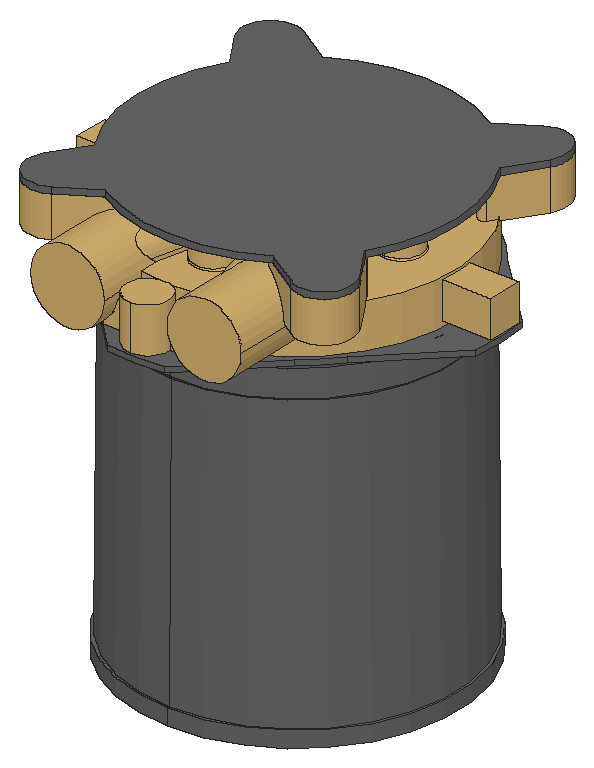
Revit family "PlumbingFixture_GroheLimited_RoughInSet_45984001_METRIC1", category Plumbing Fixtures, host Face, Revit 2015
Parameters (values of type "23451001")
  _DistributedBy = "www.bimstore.co.uk"
  _CurrentRevision = 1
  _CreatedBy = "www.bimstore.co.uk"
  _BimSpecGuid = 0
  _BSBibleVersion = 14
  _AuthorizedBy = "Kris Atkinson"
  _Author = "Ryan Lashley"
  Waste Connection = no
  WarrantyStartDate [instance] = "Please Record On Commissioning."
  WarrantyGuarantorParts = "info-uk@grohe.com"
  WarrantyGuarantorLabor = "info-uk@grohe.com"
  WarrantyDurationUnit = "Years"
  WarrantyDurationParts = "n/a"
  WarrantyDurationLabor = "n/a"
  WarrantyDescription = "n/a"
  WFU = 0
  Vent Connection = no
  URL = "www.grohe.com"
  TypeName = "Rough-in set ½\""
  Type Comments = "45984001"
  SpareParts = "n/a"
  Size = "n/a"
  Shape = "n/a"
  SerialNumber [instance] = "Please Record On Commissioning."
  ReplacementCost = "n/a"
  ReferencedStandard = "n/a"
  ProductionYear = "2017"
  ProductPageURL = "https://www.grohe.com/30898/search/search-result/product-details/?product=45984-G216&color=001&material=45984001"
  ProductDocumentationLink = "https://www.grohe.com/30898/search/search-result/product-details/?product=45984-G216&color=001&material=45984001"
  PrimaryMaterial = Grohe-Black
  PercentageOfRecycledContent = "n/a"  # constant formula
  NominalLength = 0 mm
  NominalHeight = 0 mm
  NominalDepth = 0 mm
  NBSReference = "45-35-70/345"
  NBSOfficeMasterTag = "n/a"
  NBSObjectName = "Grohe Limited - Water supply fittings for sinks;"
  NBSNote = ""
  NBSDescription = "Water supply fittings for sinks;"
  ModelReference = "Rough-in set ½\""
  ModelNumber = "45984001"
  Model = "Rough-in set ½\""
  Material = "Brass & PVC"
  MasterformatTitle = "Sanitary Facilities"  # constant formula
  MasterformatNumber = "01 52 19"  # constant formula
  ManufacturerName = "Grohe Limited"
  Manufacturer = "Grohe Limited"
  LowEmittingMaterial = 0 > 1  # no
  LEEDCredit = "n/a"  # constant formula
  Keynote = "N13"
  InstallationDate [instance] = "Please Record On Commissioning."
  IndustryStandards = "n/a"  # constant formula
  IfcExportType = "IfcPipeFittingType"
  IfcExportAs = "IfcPipeFitting"
  HotWaterConnectionDiameter = 25 mm  # constant formula
  HWFU = 4.5
  HW Connection = no
  Grade = "n/a"
  Finish = "Brass & PVC"
  Features = "Rough-in set ½\". for floor-mounted bath mixers/spouts and shower mixers. without finishing trim set. installation plate with 360° horizontal and 3° vertical adjustment. installation depth 53-157 mm for bath mixers/spouts, depth compensation 104 mm. installation depth 65-157 mm for shower. mixers, depth compensation 92 mm. two ½\" female connections (hot/cold supplies). flushing plug. acoustic isolation mat. gasket included. fixing material."
  ExpectedLife = 0
  Ecojoy = no
  DurationUnit = "Years"
  DocumentationTechnical = "n/a"
  DocumentationMaintenance = "n/a"
  DocumentationLiterature = "n/a"
  DocumentationInstallationGuide = "n/a"
  DocumentationCertificates = "n/a"
  Description = "Rough-in set ½\". for floor-mounted bath mixers/spouts and shower mixers. without finishing trim set. installation plate with 360° horizontal and 3° vertical adjustment. installation depth 53-157 mm for bath mixers/spouts, depth compensation 104 mm. installation depth 65-157 mm for shower. mixers, depth compensation 92 mm. two ½\" female connections (hot/cold supplies). flushing plug. acoustic isolation mat. gasket included. fixing material."
  Default Elevation = 0 mm
  CreatedOn = "2017-05-16T00:00:00"
  CreatedBy = "info-uk@grohe.com"
  Cost = 0
  Constituents = "n/a"
  Color = "Brass & PVC"
  ColdWaterConnectionDiameter = 25 mm  # constant formula
  CodePerformance = "n/a"
  ClassificationValue = "Pr_40_20_87_82"
  ClassificationName = "Uniclass2015"
  CWFU = 4.5
  CW Connection = no
  Brass = Brass
  BarCode [instance] = "Please Record On Commissioning."
  BIMObjectName = "PlumbingFixture_GroheLimited_RoughInSet_45984001_METRIC"
  AssetType = "Fixed"
  AssetIdentifier [instance] = "Please Record On Commissioning."
  Assembly Code = "D2010"
  AccessibilityPerformance = "n/a"
  ADACompliant = 0 > 1  # no
Reference planes
  plane 1 "Center (Front/Back)": y = 0
  plane 2: z = 0
  plane 3 "Center (Left/Right)": x = 0
Forms (mm)
  Extrusion 1, solid, material "Brass" <- "Brass"
    sketch origin (0, 0, 0) x (0, -1, 0) y (1, 0, 0)
      loop
        line (-57.709, 43.685) -> (-47.328, 27.398)
        arc (-47.328, 27.398) -> (-45.632, 26.473) -> (-43.945, 27.414) r 2
        arc (-43.945, 27.414) -> (-36.624, 36.624) -> (-27.414, 43.945) r 51.795
        arc (-27.414, 43.945) -> (-26.473, 45.632) -> (-27.398, 47.328) r 2
        line (-27.398, 47.328) -> (-43.685, 57.709)
        arc (-43.685, 57.709) -> (-56.326, 56.326) -> (-57.709, 43.685) r 10.157
      loop
        arc (57.709, 43.685) -> (56.326, 56.326) -> (43.685, 57.709) r 10.157
        line (43.685, 57.709) -> (27.398, 47.328)
        arc (27.398, 47.328) -> (26.473, 45.632) -> (27.414, 43.945) r 2
        arc (27.414, 43.945) -> (36.624, 36.624) -> (43.945, 27.414) r 51.795
        arc (43.945, 27.414) -> (45.632, 26.473) -> (47.328, 27.398) r 2
        line (47.328, 27.398) -> (57.709, 43.685)
      loop
        arc (-57.709, -43.685) -> (-56.326, -56.326) -> (-43.685, -57.709) r 10.157
        line (-43.685, -57.709) -> (-27.398, -47.328)
        arc (-27.398, -47.328) -> (-26.473, -45.632) -> (-27.414, -43.945) r 2
        arc (-27.414, -43.945) -> (-36.624, -36.624) -> (-43.945, -27.414) r 51.795
        arc (-43.945, -27.414) -> (-45.632, -26.473) -> (-47.328, -27.398) r 2
        line (-47.328, -27.398) -> (-57.709, -43.685)
      loop
        line (57.709, -43.685) -> (47.328, -27.398)
        arc (47.328, -27.398) -> (45.632, -26.473) -> (43.945, -27.414) r 2
        arc (43.945, -27.414) -> (36.624, -36.624) -> (27.414, -43.945) r 51.795
        arc (27.414, -43.945) -> (26.473, -45.632) -> (27.398, -47.328) r 2
        line (27.398, -47.328) -> (43.685, -57.709)
        arc (43.685, -57.709) -> (56.326, -56.326) -> (57.709, -43.685) r 10.157
    from -2.5 to -17.387
  Revolve 2, solid, material "Grohe-Black" <- "PrimaryMaterial"
    sketch origin (0, 0, 0) x (0, -1, 0) y (0, 0, 1)
      loop
        line (0, -160.9) -> (0, -33) -> (-59.996, -33) -> (-59.996, -35)
        arc (-59.996, -35) -> (-58.568, -35.591) -> (-57.977, -37.019) r 2.019
        line (-57.977, -37.019) -> (-58.089, -47) -> (-57.277, -47.887) -> (-58.314, -154.991) -> (-59.285, -154.991) -> (-59.285, -160.9) -> (0, -160.9)
      axis (0, -160.9) -> (0, -33)
    angle from 0 to 360
  Extrusion 3, solid, material "Brass" <- "Brass"
    sketch origin (0, 0, 0) x (1, 0, 0) y (0, 0, 1)
      loop
        circle (25, -19) r 13.5
      loop
        circle (-25, -19) r 13.5
    from 45.349 to 73.775
  Revolve 4, solid, material "Brass" <- "Brass"
    sketch origin (-37.984, 0, -0.887) x (0, -1, 0) y (0, 0, -1)
      loop
        line (0, 16.5) -> (-8.995, 16.5)
        arc (-8.995, 16.5) -> (-7.963, 16.088) -> (-7.497, 15.079) r 1.5
        line (-7.497, 15.079) -> (-7.086, 7.238)
        arc (-7.086, 7.238) -> (-5.535, 3.873) -> (-2.093, 2.5) r 5
        line (-2.093, 2.5) -> (0, 2.5) -> (0, 16.5)
      axis (0, 16.5) -> (0, 2.5)
    angle from 0 to 360
  Revolve 5, solid, material "Brass" <- "Brass"
    sketch origin (37.984, 0, -0.887) x (0, -1, 0) y (0, 0, 1)
      loop
        line (0, -16.5) -> (0, -2.5) -> (-2.093, -2.5)
        arc (-2.093, -2.5) -> (-5.535, -3.873) -> (-7.086, -7.238) r 5
        line (-7.086, -7.238) -> (-7.497, -15.079)
        arc (-7.497, -15.079) -> (-7.963, -16.088) -> (-8.995, -16.5) r 1.5
        line (-8.995, -16.5) -> (0, -16.5)
      axis (0, -16.5) -> (0, -2.5)
    angle from 0 to 360
  Revolve 6, solid, material "Brass" <- "Brass"
    sketch origin (0, 37.984, -0.887) x (1, 0, 0) y (0, 0, 1)
      loop
        line (0, -16.5) -> (0, -2.5) -> (-2.093, -2.5)
        arc (-2.093, -2.5) -> (-5.535, -3.873) -> (-7.086, -7.238) r 5
        line (-7.086, -7.238) -> (-7.497, -15.079)
        arc (-7.497, -15.079) -> (-7.963, -16.088) -> (-8.995, -16.5) r 1.5
        line (-8.995, -16.5) -> (0, -16.5)
      axis (0, -16.5) -> (0, -2.5)
    angle from 0 to 360
  Revolve 7, solid, material "Brass" <- "Brass"
    sketch origin (0, -37.984, -0.887) x (1, 0, 0) y (0, 0, -1)
      loop
        line (0, 16.5) -> (-8.995, 16.5)
        arc (-8.995, 16.5) -> (-7.963, 16.088) -> (-7.497, 15.079) r 1.5
        line (-7.497, 15.079) -> (-7.086, 7.238)
        arc (-7.086, 7.238) -> (-5.535, 3.873) -> (-2.093, 2.5) r 5
        line (-2.093, 2.5) -> (0, 2.5) -> (0, 16.5)
      axis (0, 16.5) -> (0, 2.5)
    angle from 0 to 360
  Extrusion 8, solid, material "Brass" <- "Brass"
    sketch origin (0, 0, 0) x (1, 0, 0) y (0, 0, 1)
      loop
        line (-75.743, -17.387) -> (-75.743, -31) -> (75.743, -31) -> (75.743, -17.387) -> (-75.743, -17.387)
    from -6.452 to 6.123
  Extrusion 9, solid, material "Brass" <- "Brass"
    sketch origin (0, 0, 0) x (0, -1, 0) y (0, 0, -1)
      loop
        line (-72.125, 16.602) -> (0, 16.602) -> (0, 33) -> (-72.125, 33) -> (-72.125, 16.602)
    from -6.452 to 6.123
  Extrusion 10, solid, material "Grohe-Black" <- "PrimaryMaterial"
    sketch origin (0, 0, -66) x (0, -1, 0) y (1, 0, 0)
      loop
        arc (-47.516, -36.629) -> (-59.996, 0) -> (-47.516, 36.629) r 59.996
        line (-47.516, 36.629) -> (-73.775, 10.371)
        arc (-73.775, 10.371) -> (-74.45, 0) -> (-73.775, -10.371) r 79.981
        line (-73.775, -10.371) -> (-47.516, -36.629)
      loop
        line (47.516, -36.629) -> (73.775, -10.371)
        arc (73.775, -10.371) -> (74.45, 0) -> (73.775, 10.371) r 79.981
        line (73.775, 10.371) -> (47.516, 36.629)
        arc (47.516, 36.629) -> (59.996, 0) -> (47.516, -36.629) r 59.996
      loop
        line (-36.629, -47.516) -> (-10.371, -73.775)
        arc (-10.371, -73.775) -> (0, -74.45) -> (10.371, -73.775) r 79.981
        line (10.371, -73.775) -> (36.629, -47.516)
        arc (36.629, -47.516) -> (0, -59.996) -> (-36.629, -47.516) r 59.996
      loop
        arc (-36.629, 47.516) -> (0, 59.996) -> (36.629, 47.516) r 59.996
        line (36.629, 47.516) -> (10.371, 73.775)
        arc (10.371, 73.775) -> (0, 74.45) -> (-10.371, 73.775) r 79.981
        line (-10.371, 73.775) -> (-36.629, 47.516)
    from 31 to 33
  Extrusion 11, solid, material "Brass" <- "Brass"
    sketch origin (0, 0, -48.387) x (0, -1, 0) y (1, 0, 0)
      loop
        circle (0, 0) r 58.314
    from 15.387 to 31.785
  Extrusion 12, solid, material "Brass" <- "Brass"
    sketch origin (0, 0, -47.5) x (0, -1, 0) y (1, 0, 0)
      loop
        circle (68.398, -0.064) r 7.865
    from 16.5 to 33
  Extrusion 13, solid, material "Brass" <- "Brass"
    sketch origin (0, 0, -47.5) x (0, -1, 0) y (1, 0, 0)
      loop
        arc (67.995, -7.918) -> (60.534, -0.064) -> (67.995, 7.79) r 7.865
        line (67.995, 7.79) -> (67.995, 16.507) -> (59.396, 16.507) -> (59.396, -16.507) -> (67.995, -16.507) -> (67.995, -7.918)
    from 16.5 to 26.328
  Extrusion 14, solid, material "Brass" <- "Brass"
    sketch origin (0, 0, 0) x (1, 0, 0) y (0, 1, 0)
      loop
        arc (-7.671, 9.433) -> (-17.104, 0) -> (-7.671, -9.433) r 9.433
        line (-7.671, -9.433) -> (7.802, -9.433)
        arc (7.802, -9.433) -> (17.235, 0) -> (7.802, 9.433) r 9.433
        line (7.802, 9.433) -> (-7.671, 9.433)
    from -16.602 to -1.954
  Sweep 15, void
    path in 3D
      loop
        arc (7.802, -9.433, -1.954) -> (17.235, 0, -1.954) -> (7.802, 9.433, -1.954) r 9.433
        line (7.802, 9.433, -1.954) -> (-7.671, 9.433, -1.954)
        arc (-7.671, 9.433, -1.954) -> (-17.104, 0, -1.954) -> (-7.671, -9.433, -1.954) r 9.433
        line (-7.671, -9.433, -1.954) -> (7.802, -9.433, -1.954)
    profile origin (0.065, -9.433, -1.954) x (0, 1, 0) y (0, 0, 1)
      loop
        arc (0, -14) -> (1.403, -13.44) -> (2.037, -12.069) r 2.04
        line (2.037, -12.069) -> (2.423, -4.83)
        arc (2.423, -4.83) -> (4.184, -1.385) -> (7.796, 0) r 5.404
        line (7.796, 0) -> (7.796, 1) -> (-1, 1) -> (-1, -14) -> (0, -14)
  Sweep 16, solid, material "Brass" <- "Brass"
    path origin (6.25, -0.312, 0) x (1, 0, 0) y (0, 1, 0)
      loop
        line (-8.217, 0) -> (-22.472, -57.174)
    profile origin (-9.094, -28.899, 0) x (0.970296, -0.241922, 0) y (0, 0, 1)
      loop
        arc (2.685, -15.101) -> (-4.815, -7.601) -> (-12.315, -15.101) r 7.5
        line (-12.315, -15.101) -> (-12.315, -16.602) -> (2.685, -16.602) -> (2.685, -15.101)
  Sweep 17, solid, material "Brass" <- "Brass"
    path origin (-5.937, -0.309, 0) x (-1, 0, 0) y (0, 1, 0)
      loop
        line (-8.217, 0) -> (-23.068, -59.567)
    profile origin (9.705, -30.093, 0) x (0.970296, 0.241922, 0) y (0, 0, 1)
      loop
        line (-2.685, -15.105) -> (-2.685, -16.606) -> (12.315, -16.606) -> (12.315, -15.105)
        arc (12.315, -15.105) -> (4.815, -7.605) -> (-2.685, -15.105) r 7.5
  Extrusion 18, solid, material "Grohe-Black" <- "PrimaryMaterial"
    sketch origin (0, 0, 0) x (1, 0, 0) y (0, 1, 0)
      loop
        line (43.685, 57.709) -> (30.816, 49.507)
        arc (30.816, 49.507) -> (0, 58.314) -> (-30.816, 49.507) r 58.314
        line (-30.816, 49.507) -> (-43.685, 57.709)
        arc (-43.685, 57.709) -> (-56.326, 56.326) -> (-57.709, 43.685) r 10.157
        line (-57.709, 43.685) -> (-49.507, 30.816)
        arc (-49.507, 30.816) -> (-58.314, 0) -> (-49.507, -30.816) r 58.314
        line (-49.507, -30.816) -> (-57.709, -43.685)
        arc (-57.709, -43.685) -> (-56.326, -56.326) -> (-43.685, -57.709) r 10.157
        line (-43.685, -57.709) -> (-30.816, -49.507)
        arc (-30.816, -49.507) -> (0, -58.314) -> (30.816, -49.507) r 58.314
        line (30.816, -49.507) -> (43.685, -57.709)
        arc (43.685, -57.709) -> (56.326, -56.326) -> (57.709, -43.685) r 10.157
        line (57.709, -43.685) -> (49.507, -30.816)
        arc (49.507, -30.816) -> (58.314, 0) -> (49.507, 30.816) r 58.314
        line (49.507, 30.816) -> (57.709, 43.685)
        arc (57.709, 43.685) -> (56.326, 56.326) -> (43.685, 57.709) r 10.157
    from -2.5 to 0
Cuts and joins
  joined: Extrusion 8, Extrusion 9, Extrusion 11
  joined: Revolve 2, Extrusion 10
  Sweep 15 cuts Extrusion 14
  joined: Extrusion 3, Extrusion 14, Sweep 16, Sweep 17
Lines and regions (mm)
  sketch lines
    curve 1: line (-7.671, -9.433, -1.954) -> (7.802, -9.433, -1.954)
    curve 2: line (7.802, 9.433, -1.954) -> (-7.671, 9.433, -1.954)
    curve 3: arc (-7.671, -9.433, -1.954) -> (-17.104, 0, -1.954) -> (-7.671, 9.433, -1.954) r 9.433
    curve 4: arc (7.802, 9.433, -1.954) -> (17.235, 0, -1.954) -> (7.802, -9.433, -1.954) r 9.433
Dimensions and locks
  aligned and locked: plane 2 to host face
  aligned and locked: level to host face
Connectors
  piping at (25, -73.775, -19), diameter 25
    settings: on cut or joined group of Extrusion 3, Extrusion 14, Sweep 15, Sweep 16, Sweep 17, index 1, connector inside diameter 609.6 mm, connector length 0 mm, flow factor 0, pipe flow 0.0 L/s, pressure drop 0.0 Pa, fitting loss kfactor 0, connector angle 0.00°, fixture units 0, engagement length 0 mm, angle of deflection 0.00°, flow configuration 0, flow direction 1, fitting loss method 0, system type 7, joint type 0, gender type 0, connector reference index -1, connector utility 0, adjustable connector no, is connector primary yes, connector description ""
  piping at (-25, -73.775, -19), diameter 25
    settings: on cut or joined group of Extrusion 3, Extrusion 14, Sweep 15, Sweep 16, Sweep 17, index 2, connector inside diameter 609.6 mm, connector length 0 mm, flow factor 0, pipe flow 0.0 L/s, pressure drop 0.0 Pa, fitting loss kfactor 0, connector angle 0.00°, fixture units 0, engagement length 0 mm, angle of deflection 0.00°, flow configuration 0, flow direction 2, fitting loss method 0, system type 8, joint type 0, gender type 0, connector reference index -1, connector utility 0, adjustable connector no, is connector primary no, connector description ""
